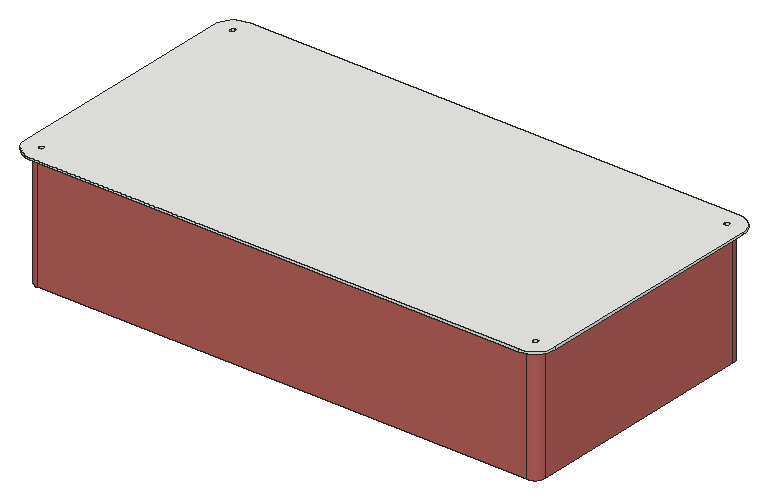
Revit family "Building-ContenitoriIncasso-GEWISS-48CM-CASSETTE-DERIVAZIONE_INCASSO_GRANDE_CAPACITA", category Apparecchi elettrici, host Superficie, Revit 2016
Family settings
  Host = Superficie
  Mantenere orientamento annotazione = Sì
  Tipo di parte = Normale
  Quota connettore circolare = Usa diametro
  Numero OmniClass = 23.80.30.14.24
  Titolo OmniClass = Junction Boxes
  Taglio con vuoti quando caricato = No
  Condiviso = No
  Punto di calcolo locali = Sì
Parameters (values of type "GW48211 - CASSETTA MONTANTI 520X260X121 COP.BASSO")
  Voltaggio = 0 V
  Versione file RFA = "18.0"
  VISTA DI PIANTA [instance] = yes
  URL = "https://www.gewiss.com/it/it"
  Tipo Materiale = "Halogen free secondo norma EN 60754-2"
  Termopressione con biglia = "70 °C"
  Temperatura di impiego = "-15 +60 °C"
  Scheda Tecnica = "https://www.gewiss.com/it/it/search?q=GW48211"
  SEO = "Cassetta"
  Resistenza agli urti = "IK07"
  Produttore = "GEWISS S.p.A."
  Predisposizione scomparti = "5"
  Potenza max dissipabile (W) = "30"
  Potenza dissipabile (W) = "30"
  Per Pareti = "Muratura"
  Modello = "GW48211"
  Installazione = "Incasso"
  Immagine tipo = 48CM.JPG
  Tappo = GEWISS - BIANCO RAL 9016
  Scatola = ROSSO RAL 3000
  SIMBOLO [instance] = yes
  IDT = "14496fa0-f6cd-4977-b717-7ad3c308566f"
  IDF = "ed542da5-95cd-4286-b3ab-eec61fb23eb6"
  Grado di protezione = "IP40"
  Glow Wire Test = "650°C"
  GEWISS SCHEDA TECNICA = "http://pro.gewiss.com/irj/portal/?NavigationTarget=pcd:portal_content/com.gewiss.ZPPFDMain/com.gewiss.ZPPFDITMain/com.gewiss.ZPPFDITMainDefault/com.gewiss.ZPPFDITPages/com.gewiss.ZPPFDITPagesAP/com.gewiss.ZPPFDITPagesAPCatalogo/com.gewiss.ZPPPDITAPProductDetail&codProd=GW48211"
  Distanza orizzontale simbolo [instance] = 242.444 mm
  Distanza dal muro [instance] = 4.208 mm
  Default Elevation = 1219.2 mm
  Profondità = 121 mm
  Lunghezza = 520 mm
  Larghezza = 260 mm
  Dim. esterne BxHxP (mm) = "520x260x121"
  Descrizione = "CASSETTA MONTANTI 520X260X121 COP.BASSO"
  Creato da GEWISS S.p.A. = ""
  Colore coperchio = "Bianco RAL 9016"
  Codice Electrocod = "0220"
  Codice EAN = "8011564027299"
  Classificazione = Other
  Catalogo Serie = "48 CM"
  Catalogo = "BUILDING"
  Carico apparente = 0 VA
  CORNICE SIMBOLO [instance] = yes
  COBie.Tagnumber = ""
  COBie.CreatedOn = ""
  COBie.CreatebBy = ""
  COBie.ComponentRegisterItemID = ""
  COBie.Component.TagNumber = ""
  COBie.Component.Space = ""
  COBie.Component.SerialNumber = ""
  COBie.Component.InstallationDate = ""
  COBie.Component.Description = ""
  COBie.Component.BarCode = ""
  Bordo = 4 mm
Types (2, lengths in mm): name | Scheda Tecnica | Predisposizione scomparti | Potenza max dissipabile (W) | Potenza dissipabile (W) | Modello | IDT | GEWISS SCHEDA TECNICA | Lunghezza | Dim. esterne BxHxP (mm) | Descrizione | Codice EAN
  GW48207 - CASSETTA MONTANTI 260X260X121 COP.BASSO | "https://www.gewiss.com/it/it/search?q=GW48207" | "2" | "13" | "13" | "GW48207" | "1568ccf8-404e-4c6a-b721-071ea05b4880" | "http://pro.gewiss.com/irj/portal/?NavigationTarget=pcd:portal_content/com.gewiss.ZPPFDMain/com.gewiss.ZPPFDITMain/com.gewiss.ZPPFDITMainDefault/com.gewiss.ZPPFDITPages/com.gewiss.ZPPFDITPagesAP/com.gewiss.ZPPFDITPagesAPCatalogo/com.gewiss.ZPPPDITAPProductDetail&codProd=GW48207" | 260 | "260x260x121" | "CASSETTA MONTANTI 260X260X121 COP.BASSO" | "8011564027282"
  GW48211 - CASSETTA MONTANTI 520X260X121 COP.BASSO | "https://www.gewiss.com/it/it/search?q=GW48211" | "5" | "30" | "30" | "GW48211" | "14496fa0-f6cd-4977-b717-7ad3c308566f" | "http://pro.gewiss.com/irj/portal/?NavigationTarget=pcd:portal_content/com.gewiss.ZPPFDMain/com.gewiss.ZPPFDITMain/com.gewiss.ZPPFDITMainDefault/com.gewiss.ZPPFDITPages/com.gewiss.ZPPFDITPagesAP/com.gewiss.ZPPFDITPagesAPCatalogo/com.gewiss.ZPPPDITAPProductDetail&codProd=GW48211" | 520 | "520x260x121" | "CASSETTA MONTANTI 520X260X121 COP.BASSO" | "8011564027299"
Reference planes
  plane 1 "Centro (Fronte/Retro)": y = 0
  plane 2: z = 0
  plane 3 "Centro (Sinistra/Destra)": x = 0
  plane 4: x = -260
  plane 5: y = -130
  plane 6: x = 260
  plane 7: y = 130
  plane 8: y = 127.823
  plane 9: x = 257.823
  plane 10: y = -127.823
  plane 11: x = -257.823
  plane 12: z = -121
  plane 13: y = 122
  plane 14: y = -122
  plane 15: x = -251.947
  plane 16: x = 251.947
  plane 17: x = -270
  plane 18: y = -140
  plane 19: x = 270
  plane 20: y = 140
  plane 21: z = 2
  plane 22: x = -242.444
Forms (mm)
  Extrusion 1, void
    sketch origin (0, 0, 0) x (1, 0, 0) y (0, 1, 0)
      loop
        line (-260, 119.5) -> (-260, -119.5)
        arc (-260, -119.5) -> (-256.925, -126.925) -> (-249.5, -130) r 10.5
        line (-249.5, -130) -> (249.5, -130)
        arc (249.5, -130) -> (256.925, -126.925) -> (260, -119.5) r 10.5
        line (260, -119.5) -> (260, 119.5)
        arc (260, 119.5) -> (256.925, 126.925) -> (249.5, 130) r 10.5
        line (249.5, 130) -> (-249.5, 130)
        arc (-249.5, 130) -> (-256.925, 126.925) -> (-260, 119.5) r 10.5
    from -121 to 0
  Extrusion 2, solid, material "ROSSO RAL 3000" <- "Scatola", detail levels medium+fine
    sketch origin (0, 0, 0) x (1, 0, 0) y (0, 1, 0)
      loop
        arc (-249.5, 130) -> (-256.925, 126.925) -> (-260, 119.5) r 10.5
        line (-260, 119.5) -> (-260, -119.5)
        arc (-260, -119.5) -> (-256.925, -126.925) -> (-249.5, -130) r 10.5
        line (-249.5, -130) -> (249.5, -130)
        arc (249.5, -130) -> (256.925, -126.925) -> (260, -119.5) r 10.5
        line (260, -119.5) -> (260, 119.5)
        arc (260, 119.5) -> (256.925, 126.925) -> (249.5, 130) r 10.5
        line (249.5, 130) -> (-249.5, 130)
      loop
        arc (-249.5, 127.823) -> (-255.386, 125.386) -> (-257.823, 119.5) r 8.323
        line (-257.823, 119.5) -> (-257.823, -119.5)
        arc (-257.823, -119.5) -> (-255.386, -125.386) -> (-249.5, -127.823) r 8.323
        line (-249.5, -127.823) -> (249.5, -127.823)
        arc (249.5, -127.823) -> (255.386, -125.386) -> (257.823, -119.5) r 8.323
        line (257.823, -119.5) -> (257.823, 119.5)
        arc (257.823, 119.5) -> (255.386, 125.386) -> (249.5, 127.823) r 8.323
        line (249.5, 127.823) -> (-249.5, 127.823)
    from -121 to 0
  Extrusion 3, solid, detail levels medium+fine
    sketch origin (0, 0, 0) x (1, 0, 0) y (0, 1, 0)
      loop
        line (-257.823, 116.384) -> (-254.592, 116.384)
        arc (-254.592, 116.384) -> (-249.664, 119.157) -> (-246.596, 123.907) r 11.782
        line (-246.596, 123.907) -> (-246.596, 127.823) -> (-249.5, 127.823)
        arc (-249.5, 127.823) -> (-255.386, 125.386) -> (-257.823, 119.5) r 8.323
        line (-257.823, 119.5) -> (-257.823, 116.384)
      loop
        line (257.823, 116.384) -> (257.823, 119.5)
        arc (257.823, 119.5) -> (255.386, 125.386) -> (249.5, 127.823) r 8.323
        line (249.5, 127.823) -> (246.596, 127.823) -> (246.596, 123.907)
        arc (246.596, 123.907) -> (249.664, 119.157) -> (254.592, 116.384) r 11.782
        line (254.592, 116.384) -> (257.823, 116.384)
      loop
        line (-257.823, -116.384) -> (-257.823, -119.5)
        arc (-257.823, -119.5) -> (-255.386, -125.386) -> (-249.5, -127.823) r 8.323
        line (-249.5, -127.823) -> (-246.596, -127.823) -> (-246.596, -123.907)
        arc (-246.596, -123.907) -> (-249.664, -119.157) -> (-254.592, -116.384) r 11.782
        line (-254.592, -116.384) -> (-257.823, -116.384)
      loop
        line (257.823, -116.384) -> (254.592, -116.384)
        arc (254.592, -116.384) -> (249.664, -119.157) -> (246.596, -123.907) r 11.782
        line (246.596, -123.907) -> (246.596, -127.823) -> (249.5, -127.823)
        arc (249.5, -127.823) -> (255.386, -125.386) -> (257.823, -119.5) r 8.323
        line (257.823, -119.5) -> (257.823, -116.384)
    from -2.208 to 0
  Extrusion 4, void, detail levels medium+fine
    sketch origin (0, 0, 0) x (1, 0, 0) y (0, 1, 0)
      loop
        circle (-251.947, 122) r 2.408
      loop
        circle (251.947, 122) r 2.408
      loop
        circle (-251.947, -122) r 2.408
      loop
        circle (251.947, -122) r 2.408
    from -2.208 to 2
  Extrusion 5, solid, material "GEWISS - BIANCO RAL 9016" <- "Tappo"
    sketch origin (0, 0, 0) x (1, 0, 0) y (0, 1, 0)
      loop
        arc (-249.5, 140) -> (-263.996, 133.996) -> (-270, 119.5) r 20.5
        line (-270, 119.5) -> (-270, -119.5)
        arc (-270, -119.5) -> (-263.996, -133.996) -> (-249.5, -140) r 20.5
        line (-249.5, -140) -> (249.5, -140)
        arc (249.5, -140) -> (263.996, -133.996) -> (270, -119.5) r 20.5
        line (270, -119.5) -> (270, 119.5)
        arc (270, 119.5) -> (263.996, 133.996) -> (249.5, 140) r 20.5
        line (249.5, 140) -> (-249.5, 140)
    from 0 to 2
Cuts and joins
  Extrusion 4 cuts Extrusion 5
Lines and regions (mm)
  Masking region 1, visible <- "VISTA DI PIANTA"
    outline origin (0, 0, 0) x (1, 0, 0) y (0, 0, 1)
      loop
        line (-260, -121) -> (260, -121) -> (260, 0) -> (-260, 0) -> (-260, -121)
  Masking region 2, visible <- "VISTA DI PIANTA"
    outline origin (0, 0, 0) x (1, 0, 0) y (0, 0, 1)
      loop
        line (270, 0) -> (270, 2) -> (-270, 2) -> (-270, 0) -> (270, 0)
  Masking region 3
    outline origin (0, 0, 0) x (0, 1, 0) y (0, 0, 1)
      loop
        line (-130, -121) -> (130, -121) -> (130, 0) -> (-130, 0) -> (-130, -121)
  Masking region 4
    outline origin (0, 0, 0) x (0, 1, 0) y (0, 0, 1)
      loop
        line (-140, 0) -> (140, 0) -> (140, 2) -> (-140, 2) -> (-140, 0)
  model lines
    curve 1: line (249.5, 140, 0) -> (-249.5, 140, 0)
    curve 2: arc (-249.5, 140, 0) -> (-263.996, 133.996, 0) -> (-270, 119.5, 0) r 20.5
    curve 3: line (-270, 119.5, 0) -> (-270, -119.5, 0)
    curve 4: arc (-270, -119.5, 0) -> (-263.996, -133.996, 0) -> (-249.5, -140, 0) r 20.5
    curve 5: line (-249.5, -140, 0) -> (249.5, -140, 0)
    curve 6: arc (249.5, -140, 0) -> (263.996, -133.996, 0) -> (270, -119.5, 0) r 20.5
    curve 7: line (270, -119.5, 0) -> (270, 119.5, 0)
    curve 8: arc (270, 119.5, 0) -> (263.996, 133.996, 0) -> (249.5, 140, 0) r 20.5
    curve 9: arc (-249.539, -122, 0) -> (-251.947, -124.408, 0) -> (-254.355, -122, 0) r 2.408
    curve 10: arc (-254.355, -122, 0) -> (-251.947, -119.592, 0) -> (-249.539, -122, 0) r 2.408
    curve 11: arc (249.539, -122, 0) -> (251.947, -119.592, 0) -> (254.355, -122, 0) r 2.408
    curve 12: arc (254.355, -122, 0) -> (251.947, -124.408, 0) -> (249.539, -122, 0) r 2.408
    curve 13: arc (254.355, 122, 0) -> (251.947, 119.592, 0) -> (249.539, 122, 0) r 2.408
    curve 14: arc (249.539, 122, 0) -> (251.947, 124.408, 0) -> (254.355, 122, 0) r 2.408
    curve 15: arc (-249.539, 122, 0) -> (-251.947, 119.592, 0) -> (-254.355, 122, 0) r 2.408
    curve 16: arc (-254.355, 122, 0) -> (-251.947, 124.408, 0) -> (-249.539, 122, 0) r 2.408
Dimensions and locks
  equal spacing: plane 7, plane 1 "Centro (Fronte/Retro)", plane 5
  equal spacing: plane 4, plane 3 "Centro (Sinistra/Destra)", plane 6
  "Lunghezza": plane 4 to plane 6
  "Larghezza": plane 7 to plane 5
  plane 4 to plane 11 = 2.177 mm  (x2)
  plane 9 to plane 6 = 2.177 mm  (x2)
  plane 10 to plane 5 = 2.177 mm
  plane 7 to plane 8 = 2.177 mm
  "Profondità": plane 2 to plane 12
  locked: plane 11 to plane 15 at 5.876
  locked: plane 7 to plane 13 at 8
  locked: plane 14 to plane 5 at 8
  locked: plane 16 to plane 6 at 8.053
  locked: plane 2 to Extrusion 3 at 2.208
  locked: plane 20 to plane 7 at 10
  locked: plane 17 to plane 4 at 10
  locked: plane 5 to plane 18 at 10
  locked: plane 6 to plane 19 at 10
  plane 21 to plane 2 = 2 mm
  "Distanza orizzontale simbolo": plane 22 to plane 3 "Centro (Sinistra/Destra)"
  aligned and locked: plane 2 to host face
  aligned and locked: level to host face
  aligned and locked: Extrusion 1 sketch curve to plane 4
  aligned and locked: Extrusion 1 sketch curve to plane 7
  aligned and locked: Extrusion 1 sketch curve to plane 6
  aligned and locked: Extrusion 1 sketch curve to plane 5
  aligned and locked: Extrusion 1 to plane 12
  aligned and locked: plane 2 to Extrusion 1
  aligned and locked: Extrusion 2 sketch curve to plane 4
  aligned and locked: Extrusion 2 sketch curve to plane 11
  aligned and locked: Extrusion 2 sketch curve to plane 10
  aligned and locked: Extrusion 2 sketch curve to plane 5
  aligned and locked: Extrusion 2 sketch curve to plane 6
  aligned and locked: Extrusion 2 sketch curve to plane 9
  aligned and locked: Extrusion 2 sketch curve to plane 8
  aligned and locked: Extrusion 2 sketch curve to plane 7
  aligned and locked: Extrusion 2 to plane 12
  aligned and locked: plane 2 to Extrusion 2
  aligned and locked: plane 11 to Extrusion 3 sketch curve  (x2)
  aligned and locked: Extrusion 3 sketch curve to plane 8  (x2)
  aligned and locked: Extrusion 3 sketch curve to plane 10  (x2)
  aligned and locked: plane 9 to Extrusion 3 sketch curve  (x2)
  aligned and locked: plane 2 to Extrusion 3
  aligned and locked: plane 15 to Extrusion 4 sketch curve
  aligned and locked: plane 13 to Extrusion 4 sketch curve
  aligned and locked: Extrusion 4 sketch curve to plane 16
  aligned and locked: Extrusion 4 sketch curve to plane 13
  aligned and locked: plane 14 to Extrusion 4 sketch curve
  aligned and locked: plane 16 to Extrusion 4 sketch curve
  aligned and locked: Extrusion 4 sketch curve to plane 15
  aligned and locked: Extrusion 4 sketch curve to plane 14
  aligned and locked: Extrusion 3 to Extrusion 4
  aligned and locked: Extrusion 5 sketch curve to plane 19
  aligned and locked: Extrusion 5 sketch curve to plane 18
  aligned and locked: Extrusion 5 sketch curve to plane 17
  aligned and locked: Extrusion 5 sketch curve to plane 20
  aligned and locked: Extrusion 5 to plane 21
  aligned and locked: Extrusion 4 to plane 21
  aligned and locked: plane 22 to nested 1
  aligned and locked: Masking region 1 sketch curve to Extrusion 2  (x3)
  aligned and locked: plane 6 to Masking region 1 sketch curve
  aligned and locked: Masking region 2 sketch curve to cut or joined group of Extrusion 4, Extrusion 5  (x4)
  aligned and locked: Masking region 3 sketch curve to Extrusion 2  (x4)
  aligned and locked: Masking region 4 sketch curve to cut or joined group of Extrusion 4, Extrusion 5  (x4)
  aligned and locked: curve 1 to cut or joined group of Extrusion 4, Extrusion 5
  aligned and locked: curve 3 to cut or joined group of Extrusion 4, Extrusion 5
  aligned and locked: curve 5 to cut or joined group of Extrusion 4, Extrusion 5
  aligned and locked: curve 7 to cut or joined group of Extrusion 4, Extrusion 5
  aligned and locked: curve 9 to cut or joined group of Extrusion 4, Extrusion 5
  aligned and locked: curve 10 to cut or joined group of Extrusion 4, Extrusion 5
  aligned and locked: curve 11 to cut or joined group of Extrusion 4, Extrusion 5
  aligned and locked: curve 12 to cut or joined group of Extrusion 4, Extrusion 5
  aligned and locked: curve 13 to cut or joined group of Extrusion 4, Extrusion 5
  aligned and locked: curve 14 to cut or joined group of Extrusion 4, Extrusion 5
  aligned and locked: curve 15 to cut or joined group of Extrusion 4, Extrusion 5
  aligned and locked: curve 16 to cut or joined group of Extrusion 4, Extrusion 5
Automatic sketch dimensions
  host sketch curve to host sketch curve = 2438.4 mm  (x2)
  Extrusion 1 sketch curve to Extrusion 1 sketch curve = 0 mm  (x3)
  plane 11 to Extrusion 1 sketch curve = 8.323 mm
  Extrusion 2 sketch curve to Extrusion 2 sketch curve = 0 mm  (x13)
  Extrusion 2 sketch curve to plane 9 = 0 mm
  plane 10 to Extrusion 2 sketch curve = 0 mm
  plane 5 to Extrusion 2 sketch curve = 10.5 mm  (x2)
  Extrusion 2 sketch curve to plane 7 = 10.5 mm  (x2)
  plane 4 to Extrusion 2 sketch curve = 10.5 mm
  plane 11 to Extrusion 2 sketch curve = 8.323 mm
  Extrusion 2 sketch curve to plane 6 = 10.5 mm
  plane 11 to Extrusion 2 sketch curve = 0 mm  (x2)
  plane 11 to Extrusion 3 sketch curve = 0.085 mm  (x2)
  Extrusion 3 sketch curve to plane 15 = 2.645 mm  (x2)
  plane 15 to Extrusion 3 sketch curve = 2.447 mm  (x2)
  Extrusion 3 sketch curve to Extrusion 3 sketch curve = 2.904 mm  (x2)
  plane 16 to Extrusion 3 sketch curve = 5.351 mm  (x2)
  plane 16 to Extrusion 3 sketch curve = 2.447 mm  (x2)
  Extrusion 3 sketch curve to plane 16 = 2.645 mm  (x2)
  Extrusion 3 sketch curve to plane 9 = 0.085 mm  (x2)
  plane 10 to Extrusion 3 sketch curve = 0.085 mm  (x2)
  plane 14 to Extrusion 3 sketch curve = 1.907 mm  (x2)
  Extrusion 3 sketch curve to plane 14 = 2.5 mm  (x2)
  Extrusion 3 sketch curve to plane 13 = 5.616 mm  (x2)
  Extrusion 3 sketch curve to plane 13 = 2.5 mm  (x2)
  plane 13 to Extrusion 3 sketch curve = 1.907 mm  (x2)
  plane 11 to Extrusion 3 sketch curve = 0 mm
  Extrusion 3 sketch curve to Extrusion 3 sketch curve = 0 mm  (x11)
  plane 15 to Extrusion 5 sketch curve = 2.447 mm  (x2)
  plane 16 to Extrusion 5 sketch curve = 2.447 mm  (x2)
  plane 15 to curve 5 = 2.447 mm
  plane 15 to curve 1 = 2.447 mm
  plane 16 to curve 1 = 2.447 mm
  plane 16 to curve 5 = 2.447 mm
  radius of Extrusion 4 sketch curve = 2.408 mm  (x4)
Nested families
  nested 1: "CASSDERIVAZINC" at (-242.444, 622.313, 0), Distanza dal muro <- "Distanza dal muro", BORDO ACCESO <- "CORNICE SIMBOLO", SIMBOLO ACCESO <- "SIMBOLO", type "CASSETTAINC"
    with SIMBOLO ACCESO yes, Distanza dal muro 4.208 mm, BORDO ACCESO yes
Connectors
  electrical at (0, 0, -121), driven by "Classificazione", driven by "Voltaggio", driven by "Carico apparente"
    settings: on Extrusion 2, index 1, voltage 0 V, apparent load 0 VA, apparent load phase1 0 VA, apparent load phase2 0 VA, apparent load phase3 0 VA, power factor 1, load classification "Other", number of poles 1, system type 31, power factor state 1, is connector primary yes, connector utility no, sub classification motor no, connector description ""
Definition of nested family "CASSDERIVAZINC"
  Parameters (values of type "CASSETTAINC")
    SIMBOLO ACCESO [instance] = yes
    Distanza dal muro [instance] = 4.208 mm
    BORDO ACCESO [instance] = yes
  Reference planes
    plane 1: y = 0
    plane 2: x = 0
  Dimensions and locks
    "Distanza dal muro": plane 1 to nested 1
    aligned and locked: plane 2 to nested 1
  Nested families
    nested 1: "CASSDERIVAZINC_BASE" at (0, 4.208, 0), BORDO ACCESO <- "BORDO ACCESO", SIMBOLO ACCESO <- "SIMBOLO ACCESO", type "CASSETTAINC"
      with BORDO ACCESO yes
  Definition of nested family "CASSDERIVAZINC_BASE"
    Parameters (values of type "CASSETTAINC")
      SIMBOLO ACCESO [instance] = yes
      Distanza dal muro = 4.208 mm
      BORDO ACCESO [instance] = yes
    Reference planes
      plane 1: y = 0
      plane 2: x = 0
    Lines and regions (mm)
      detail lines, visible <- "BORDO ACCESO"
        curve 1: line (-1, 2.5, 0) -> (1, 2.5, 0)
        curve 2: line (1, 2.5, 0) -> (1, 0, 0)
        curve 3: line (1, 0, 0) -> (-1, 0, 0)
        curve 4: line (-1, 0, 0) -> (-1, 2.5, 0)
        curve 5: line (-0.9, 2.4, 0) -> (0.9, 2.4, 0)
        curve 6: line (0.9, 2.4, 0) -> (0.9, 0.1, 0)
        curve 7: line (0.9, 0.1, 0) -> (-0.9, 0.1, 0)
        curve 8: line (-0.9, 0.1, 0) -> (-0.9, 2.4, 0)
      detail lines, visible <- "BORDO ACCESO", not visible
        curve 9: line (-2.443, 10.208, 0) -> (2.057, 10.208, 0)
        curve 10: line (2.057, 10.208, 0) -> (2.057, 4.208, 0)
        curve 11: line (2.057, 4.208, 0) -> (-2.443, 4.208, 0)
        curve 12: line (-2.443, 4.208, 0) -> (-2.443, 10.208, 0)
        curve 13: line (-2.043, 9.808, 0) -> (1.657, 9.808, 0)
        curve 14: line (1.657, 9.808, 0) -> (1.657, 4.608, 0)
        curve 15: line (1.657, 4.608, 0) -> (-2.043, 4.608, 0)
        curve 16: line (-2.043, 4.608, 0) -> (-2.043, 9.808, 0)
      detail lines, visible <- "SIMBOLO ACCESO"
        curve 17: circle (0, 1.25, 0) r 0.1 normal (0, 0, 1)
        curve 18: circle (0, 1.25, 0) r 0.809 normal (0, 0, 1)
    Dimensions and locks
      aligned and locked: curve 3 to plane 1
